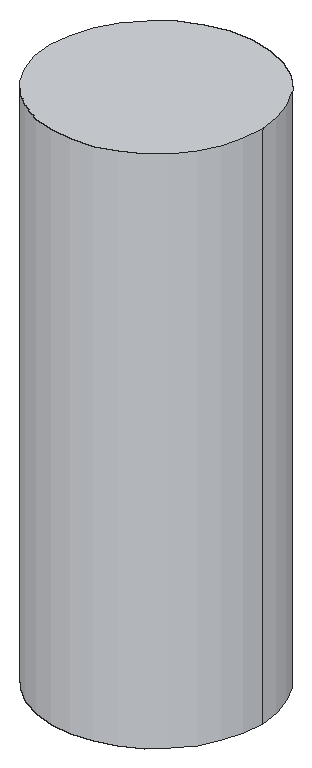
Revit family
Parameters
  Label = "WH"
  Diameter = 610.00 mm
  Height = 1525.00 mm
Reference planes
  plane 1: y = 0
  plane 2: z = 0
  plane 3: x = 0
Forms (mm)
  Extrusion 1, solid
    sketch origin (0, 0, 0) x (1, 0, 0) y (0, 1, 0)
      loop
        circle (0, 0) r 305
    from 0 to 1525
Lines and regions (mm)
  Masking region 1
    outline origin (0, 0, 0) x (1, 0, 0) y (0, 1, 0)
      loop
        circle (0, 0) r 305
Dimensions and locks
  "Height": Extrusion 1 to plane 2
  "Diameter": Extrusion 1 sketch curve to Extrusion 1 sketch curve
  aligned and locked: plane 3 to nested 1
  aligned and locked: plane 1 to nested 1
  aligned and locked: Masking region 1 sketch curve to Extrusion 1
Automatic sketch dimensions
  Extrusion 1 sketch curve to plane 1 = 0.00 mm
  Extrusion 1 sketch curve to plane 3 = 0.00 mm
Nested families
  nested 1: "M_Label Annotation" at (0, 0, 0), type "M_Label Annotation"
Definition of nested family "M_Label Annotation"
  Parameters (values of type "M_Label Annotation")
    Label = "WH"
  Reference planes
    plane 1: y = 0
    plane 2: x = 0
  Text (mm)
    label "Label" at (0.027, -0.008, 0), shows "Label"
